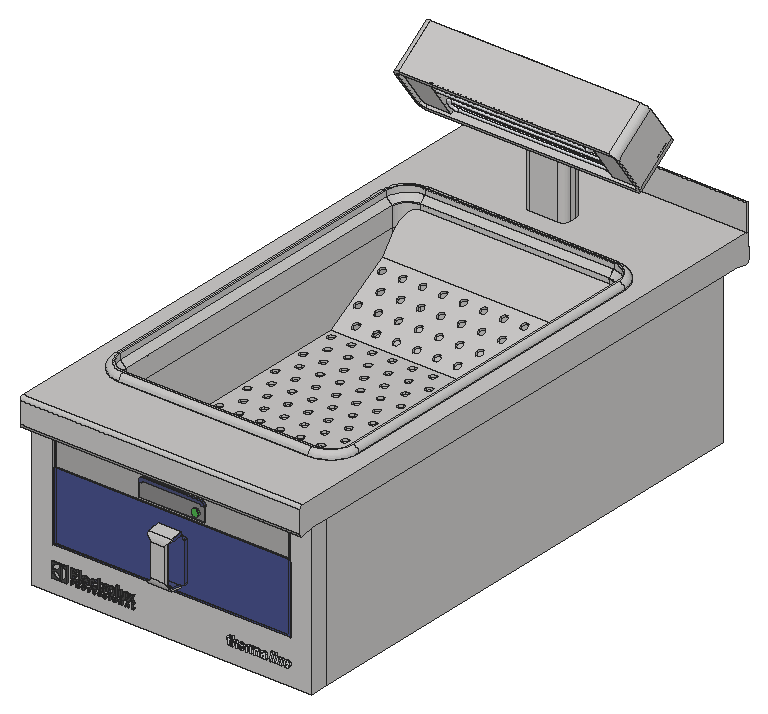
Revit family "QF_ELECTROLUXPROFESSIONAL_588095_MAYAABDOBO", category Attrezzature speciali, Revit 2020
Family settings
  Quota connettore circolare = Usa diametro
  Tipo di parte = Normale
  Basato su piano di lavoro = No
  Sempre verticale = Sì
  Taglio con vuoti quando caricato = No
  Condiviso = No
  Punto di calcolo locali = No
Parameters (values of type "Standard")
  Weight = 14.00 kg
  Watts = 1000 W
  Volts = 230 V
  URL Manufacturer = "https://www.electroluxprofessional.com/"
  URL = "https://www.electroluxprofessional.com/"
  Steam Supply Size = 0"
  Steam Supply Minimum Pressure = 0.00 psi
  Steam Supply Maximum Pressure = 0.00 psi
  Steam Consumption per Hour = 0
  Refrigeration Suction Line Size = 0 mm
  Refrigeration Liquid Line Size = 0 mm
  Refrigerant Compressor Remote = yes
  Prospetto di default = 0 mm
  Phase = 1
  Modello = "MAYAABDOBO"
  Produttore = "Electrolux Professional"
  Length Actual = 400 mm  # constant formula
  Item Number = "588095"
  Hot Water Size = 0"
  Height Actual = 250 mm  # constant formula
  HP = "1.3 HP"
  Gas Size = 0"
  Gas KW = 0
  Gas Input Pressure = 0.0 Btu/h
  Direct Waste Size = 0"
  Descrizione = "EL.CHIP SCUTTLE,1/1GN,1S,BS,400X800X250H"
  Depth Actual = 800 mm  # constant formula
  Cycle = 50 Hz
  Condensate Return Size = 0"
  Compressed Air Volume = 0 GPM
  Compressed Air Size = 0"
  Compressed Air Pressure = 0.00 psi
  Cold Water Size = 0"
  Accessory = yes
Reference planes
  plane 1 "BACK": y = 0
  plane 2: z = 0
  plane 3 "LEFT": x = 0
  plane 4 "RIGHT": x = 400
  plane 5 "FRONT": y = -800
  plane 6 "TOP": z = 900
  plane 7 "Center (Left/Right)": x = 200
  plane 8: y = -400
  plane 9: y = -150
  plane 10: y = -65
  plane 11: y = -740
  plane 12: z = 938
  plane 13 "BaseTop": z = 650
  plane 14: y = -755
  plane 15 "Camino": y = -50
  plane 16 "EIx": x = 355
  plane 17: z = 1104
  plane 18 "Fondo": z = 780.982
  plane 19 "Angle1": through (-6096, -207.82, 834.055) normal (0, -0.5, 0.866)
  plane 20 "Serpentine": through (0, -80.719, 1034.372) normal (0, -0.8192, -0.5736)
  plane 21 "Serpentine90": through (-6096, -138.06, 994.222) normal (0, 0.5736, -0.8192)
  plane 22: y = -585
Forms (mm)
  Extrusion 1, solid, material "QF_Finishes_Stainless Steel"
    sketch origin (-178.969, -4572, 100) x (-1, 0, 0) y (0, -1, 0)
      loop
        line (-178.969, -4527) -> (-178.969, -3817) -> (-578.969, -3817) -> (-578.969, -4527) -> (-178.969, -4527)
    from 550 to 762.969
  Extrusion 2, solid, material "QF_Finishes_Stainless Steel"
    sketch origin (200, 296.4, 1219.2) x (0, 1, 0) y (0, 0, 1)
      loop
        line (-296.4, -319.2) -> (-1091.4, -319.2)
        arc (-1091.4, -319.2) -> (-1094.935, -320.664) -> (-1096.4, -324.2) r 5
        line (-1096.4, -324.2) -> (-1096.4, -355.2)
        arc (-1096.4, -355.2) -> (-1094.971, -358.264) -> (-1091.705, -359.139) r 4
        line (-1091.705, -359.139) -> (-1076.4, -356.231) -> (-316.4, -356.231) -> (-301.094, -359.139)
        arc (-301.094, -359.139) -> (-297.829, -358.264) -> (-296.4, -355.2) r 4
        line (-296.4, -355.2) -> (-296.4, -319.2)
    from -200 to 200
  Extrusion 3, void
    sketch origin (0, 0, 900) x (-1, 0, 0) y (0, -1, 0)
      loop
        line (-42.957, 190) -> (-42.957, 665)
        arc (-42.957, 665) -> (-49.413, 680.587) -> (-65, 687.043) r 22.043
        line (-65, 687.043) -> (-335, 687.043)
        arc (-335, 687.043) -> (-350.587, 680.587) -> (-357.043, 665) r 22.043
        line (-357.043, 665) -> (-357.043, 190)
        arc (-357.043, 190) -> (-350.587, 174.413) -> (-335, 167.957) r 22.043
        line (-335, 167.957) -> (-65, 167.957)
        arc (-65, 167.957) -> (-49.413, 174.413) -> (-42.957, 190) r 22.043
    from -8.746 to -162.454
  Extrusion 4, solid, material "QF_Finishes_Stainless Steel"
    sketch origin (0, 50, 650) x (-1, 0, 0) y (0, -1, 0)
      loop
        circle (-355, 635) r 10.1
    from 0 to -10
  Sweep 5, solid, material "QF_Finishes_Stainless Steel"
    path origin (0, 0, 900) x (-1, 0, 0) y (0, -1, 0)
      loop
        line (-25, 190) -> (-25, 665)
        arc (-25, 665) -> (-36.716, 693.284) -> (-65, 705) r 40
        line (-65, 705) -> (-335, 705)
        arc (-335, 705) -> (-363.284, 693.284) -> (-375, 665) r 40
        line (-375, 665) -> (-375, 190)
        arc (-375, 190) -> (-363.284, 161.716) -> (-335, 150) r 40
        line (-335, 150) -> (-65, 150)
        arc (-65, 150) -> (-36.716, 161.716) -> (-25, 190) r 40
    profile origin (25, -427.5, 900) x (1, 0, 0) y (0, 0, 1)
      loop
        line (0, 0) -> (0, -8.282) -> (18.004, -8.282) -> (9.723, 0) -> (9.723, 8) -> (8, 8)
        arc (8, 8) -> (2.343, 5.657) -> (0, 0) r 8
  Extrusion 6, void
    sketch origin (0, 0, 900) x (-1, 0, 0) y (0, -1, 0)
      loop
        arc (-65, 167.957) -> (-49.413, 174.413) -> (-42.957, 190) r 22.043
        line (-42.957, 190) -> (-42.957, 665)
        arc (-42.957, 665) -> (-49.413, 680.587) -> (-65, 687.043) r 22.043
        line (-65, 687.043) -> (-335, 687.043)
        arc (-335, 687.043) -> (-350.587, 680.587) -> (-357.043, 665) r 22.043
        line (-357.043, 665) -> (-357.043, 190)
        arc (-357.043, 190) -> (-350.587, 174.413) -> (-335, 167.957) r 22.043
        line (-335, 167.957) -> (-65, 167.957)
    from 38.156 to -162.454
  Extrusion 7, void
    sketch origin (0, 0, 900) x (-1, 0, 0) y (0, -1, 0)
      loop
        arc (-65, 158) -> (-42.373, 167.373) -> (-33, 190) r 32
        line (-33, 190) -> (-33, 665)
        arc (-33, 665) -> (-42.373, 687.627) -> (-65, 697) r 32
        line (-65, 697) -> (-335, 697)
        arc (-335, 697) -> (-357.627, 687.627) -> (-367, 665) r 32
        line (-367, 665) -> (-367, 190)
        arc (-367, 190) -> (-357.627, 167.373) -> (-335, 158) r 32
        line (-335, 158) -> (-65, 158)
    from 0 to -8.282
  Extrusion 8, solid, material "QF_Finishes_Stainless Steel"
    sketch origin (200, 296.4, 1219.2) x (0, 1, 0) y (0, 0, 1)
      loop
        line (-983.443, -327.482) -> (-983.443, -330.73) -> (-939.573, -386.881) -> (-847.191, -440.218) -> (-595.608, -440.218) -> (-502.883, -386.683) -> (-464.357, -337.371) -> (-464.357, -334.123) -> (-504.22, -385.145) -> (-596.144, -438.218) -> (-846.656, -438.218) -> (-938.236, -385.343) -> (-983.443, -327.482)
    from -157.043 to 157.043
  Extrusion 9, void
    sketch origin (0, -25, 780.982) x (-1, 0, 0) y (0, -1, 0)
      loop
        circle (-69.5, 313.15) r 5
      loop
        circle (-98.5, 313.15) r 5
      loop
        circle (-127.5, 313.15) r 5
      loop
        circle (-156.5, 313.15) r 5
      loop
        circle (-185.5, 313.15) r 5
      loop
        circle (-214.5, 313.15) r 5
      loop
        circle (-243.5, 313.15) r 5
      loop
        circle (-272.5, 313.15) r 5
      loop
        circle (-301.5, 313.15) r 5
      loop
        circle (-330.5, 313.15) r 5
      loop
        circle (-55, 288.15) r 5
      loop
        circle (-84, 288.15) r 5
      loop
        circle (-113, 288.15) r 5
      loop
        circle (-142, 288.15) r 5
      loop
        circle (-171, 288.15) r 5
      loop
        circle (-200, 288.15) r 5
      loop
        circle (-229, 288.15) r 5
      loop
        circle (-258, 288.15) r 5
      loop
        circle (-287, 288.15) r 5
      loop
        circle (-316, 288.15) r 5
      loop
        circle (-69.5, 363.15) r 5
      loop
        circle (-98.5, 363.15) r 5
      loop
        circle (-127.5, 363.15) r 5
      loop
        circle (-156.5, 363.15) r 5
      loop
        circle (-185.5, 363.15) r 5
      loop
        circle (-214.5, 363.15) r 5
      loop
        circle (-243.5, 363.15) r 5
      loop
        circle (-272.5, 363.15) r 5
      loop
        circle (-301.5, 363.15) r 5
      loop
        circle (-330.5, 363.15) r 5
      loop
        circle (-55, 338.15) r 5
      loop
        circle (-84, 338.15) r 5
      loop
        circle (-113, 338.15) r 5
      loop
        circle (-142, 338.15) r 5
      loop
        circle (-171, 338.15) r 5
      loop
        circle (-200, 338.15) r 5
      loop
        circle (-229, 338.15) r 5
      loop
        circle (-258, 338.15) r 5
      loop
        circle (-287, 338.15) r 5
      loop
        circle (-316, 338.15) r 5
      loop
        circle (-69.5, 413.15) r 5
      loop
        circle (-98.5, 413.15) r 5
      loop
        circle (-127.5, 413.15) r 5
      loop
        circle (-156.5, 413.15) r 5
      loop
        circle (-185.5, 413.15) r 5
      loop
        circle (-214.5, 413.15) r 5
      loop
        circle (-243.5, 413.15) r 5
      loop
        circle (-272.5, 413.15) r 5
      loop
        circle (-301.5, 413.15) r 5
      loop
        circle (-330.5, 413.15) r 5
      loop
        circle (-55, 388.15) r 5
      loop
        circle (-84, 388.15) r 5
      loop
        circle (-113, 388.15) r 5
      loop
        circle (-142, 388.15) r 5
      loop
        circle (-171, 388.15) r 5
      loop
        circle (-200, 388.15) r 5
      loop
        circle (-229, 388.15) r 5
      loop
        circle (-258, 388.15) r 5
      loop
        circle (-287, 388.15) r 5
      loop
        circle (-316, 388.15) r 5
      loop
        circle (-69.5, 463.15) r 5
      loop
        circle (-98.5, 463.15) r 5
      loop
        circle (-127.5, 463.15) r 5
      loop
        circle (-156.5, 463.15) r 5
      loop
        circle (-185.5, 463.15) r 5
      loop
        circle (-214.5, 463.15) r 5
      loop
        circle (-243.5, 463.15) r 5
      loop
        circle (-272.5, 463.15) r 5
      loop
        circle (-301.5, 463.15) r 5
      loop
        circle (-330.5, 463.15) r 5
      loop
        circle (-55, 438.15) r 5
      loop
        circle (-84, 438.15) r 5
      loop
        circle (-113, 438.15) r 5
      loop
        circle (-142, 438.15) r 5
      loop
        circle (-171, 438.15) r 5
      loop
        circle (-200, 438.15) r 5
      loop
        circle (-229, 438.15) r 5
      loop
        circle (-258, 438.15) r 5
      loop
        circle (-287, 438.15) r 5
      loop
        circle (-316, 438.15) r 5
      loop
        circle (-69.5, 513.15) r 5
      loop
        circle (-98.5, 513.15) r 5
      loop
        circle (-127.5, 513.15) r 5
      loop
        circle (-156.5, 513.15) r 5
      loop
        circle (-185.5, 513.15) r 5
      loop
        circle (-214.5, 513.15) r 5
      loop
        circle (-243.5, 513.15) r 5
      loop
        circle (-272.5, 513.15) r 5
      loop
        circle (-301.5, 513.15) r 5
      loop
        circle (-330.5, 513.15) r 5
      loop
        circle (-55, 488.15) r 5
      loop
        circle (-84, 488.15) r 5
      loop
        circle (-113, 488.15) r 5
      loop
        circle (-142, 488.15) r 5
      loop
        circle (-171, 488.15) r 5
      loop
        circle (-200, 488.15) r 5
      loop
        circle (-229, 488.15) r 5
      loop
        circle (-258, 488.15) r 5
      loop
        circle (-287, 488.15) r 5
      loop
        circle (-316, 488.15) r 5
      loop
        circle (-345, 288.15) r 5
      loop
        circle (-345, 338.15) r 5
      loop
        circle (-345, 388.15) r 5
      loop
        circle (-345, 438.15) r 5
      loop
        circle (-345, 488.15) r 5
    from 5 to -5
  Extrusion 10, void
    sketch origin (0, 49.13, 982.405) x (-1, 0, 0) y (0, -0.866025, -0.5)
      loop
        circle (-69.5, 338.15) r 5
      loop
        circle (-98.5, 338.15) r 5
      loop
        circle (-127.5, 338.15) r 5
      loop
        circle (-156.5, 338.15) r 5
      loop
        circle (-185.5, 338.15) r 5
      loop
        circle (-214.5, 338.15) r 5
      loop
        circle (-243.5, 338.15) r 5
      loop
        circle (-272.5, 338.15) r 5
      loop
        circle (-301.5, 338.15) r 5
      loop
        circle (-330.5, 338.15) r 5
      loop
        circle (-55, 313.15) r 5
      loop
        circle (-84, 313.15) r 5
      loop
        circle (-113, 313.15) r 5
      loop
        circle (-142, 313.15) r 5
      loop
        circle (-171, 313.15) r 5
      loop
        circle (-200, 313.15) r 5
      loop
        circle (-229, 313.15) r 5
      loop
        circle (-258, 313.15) r 5
      loop
        circle (-287, 313.15) r 5
      loop
        circle (-316, 313.15) r 5
      loop
        circle (-69.5, 388.15) r 5
      loop
        circle (-98.5, 388.15) r 5
      loop
        circle (-127.5, 388.15) r 5
      loop
        circle (-156.5, 388.15) r 5
      loop
        circle (-185.5, 388.15) r 5
      loop
        circle (-214.5, 388.15) r 5
      loop
        circle (-243.5, 388.15) r 5
      loop
        circle (-272.5, 388.15) r 5
      loop
        circle (-301.5, 388.15) r 5
      loop
        circle (-330.5, 388.15) r 5
      loop
        circle (-55, 363.15) r 5
      loop
        circle (-84, 363.15) r 5
      loop
        circle (-113, 363.15) r 5
      loop
        circle (-142, 363.15) r 5
      loop
        circle (-171, 363.15) r 5
      loop
        circle (-200, 363.15) r 5
      loop
        circle (-229, 363.15) r 5
      loop
        circle (-258, 363.15) r 5
      loop
        circle (-287, 363.15) r 5
      loop
        circle (-316, 363.15) r 5
      loop
        circle (-345, 363.15) r 5
      loop
        circle (-345, 313.15) r 5
    from 5 to -5
  Extrusion 11, void
    sketch origin (0, -899.13, 982.405) x (-1, 0, 0) y (0, -0.866025, 0.5)
      loop
        circle (-69.5, -338.15) r 5
      loop
        circle (-98.5, -338.15) r 5
      loop
        circle (-127.5, -338.15) r 5
      loop
        circle (-156.5, -338.15) r 5
      loop
        circle (-185.5, -338.15) r 5
      loop
        circle (-214.5, -338.15) r 5
      loop
        circle (-243.5, -338.15) r 5
      loop
        circle (-272.5, -338.15) r 5
      loop
        circle (-301.5, -338.15) r 5
      loop
        circle (-330.5, -338.15) r 5
      loop
        circle (-55, -313.15) r 5
      loop
        circle (-84, -313.15) r 5
      loop
        circle (-113, -313.15) r 5
      loop
        circle (-142, -313.15) r 5
      loop
        circle (-171, -313.15) r 5
      loop
        circle (-200, -313.15) r 5
      loop
        circle (-229, -313.15) r 5
      loop
        circle (-258, -313.15) r 5
      loop
        circle (-287, -313.15) r 5
      loop
        circle (-316, -313.15) r 5
      loop
        circle (-69.5, -388.15) r 5
      loop
        circle (-98.5, -388.15) r 5
      loop
        circle (-127.5, -388.15) r 5
      loop
        circle (-156.5, -388.15) r 5
      loop
        circle (-185.5, -388.15) r 5
      loop
        circle (-214.5, -388.15) r 5
      loop
        circle (-243.5, -388.15) r 5
      loop
        circle (-272.5, -388.15) r 5
      loop
        circle (-301.5, -388.15) r 5
      loop
        circle (-330.5, -388.15) r 5
      loop
        circle (-55, -363.15) r 5
      loop
        circle (-84, -363.15) r 5
      loop
        circle (-113, -363.15) r 5
      loop
        circle (-142, -363.15) r 5
      loop
        circle (-171, -363.15) r 5
      loop
        circle (-200, -363.15) r 5
      loop
        circle (-229, -363.15) r 5
      loop
        circle (-258, -363.15) r 5
      loop
        circle (-287, -363.15) r 5
      loop
        circle (-316, -363.15) r 5
      loop
        circle (-345, -313.15) r 5
      loop
        circle (-345, -363.15) r 5
    from 5 to -5
  Extrusion 12, solid, material "QF_Finishes_Stainless Steel"
    sketch origin (0, 0, 900) x (-1, 0, 0) y (0, -1, 0)
      loop
        line (-220, 84.995) -> (-180, 84.995)
        arc (-180, 84.995) -> (-172.929, 87.924) -> (-170, 94.995) r 10
        line (-170, 94.995) -> (-170, 104.995)
        arc (-170, 104.995) -> (-172.929, 112.066) -> (-180, 114.995) r 10
        line (-180, 114.995) -> (-220, 114.995)
        arc (-220, 114.995) -> (-227.071, 112.066) -> (-230, 104.995) r 10
        line (-230, 104.995) -> (-230, 94.995)
        arc (-230, 94.995) -> (-227.071, 87.924) -> (-220, 84.995) r 10
    from 0 to 131.811
  Extrusion 13, solid, material "QF_Finishes_Stainless Steel"
    sketch origin (79.679, 596.52, 67.175) x (0, 0.573576, -0.819152) y (1, 0, 0)
      loop
        line (-1255.73, -39.679) -> (-1190.73, -39.679)
        arc (-1190.73, -39.679) -> (-1183.659, -36.75) -> (-1180.73, -29.679) r 10
        line (-1180.73, -29.679) -> (-1180.73, 270.321)
        arc (-1180.73, 270.321) -> (-1183.659, 277.392) -> (-1190.73, 280.321) r 10
        line (-1190.73, 280.321) -> (-1255.73, 280.321)
        arc (-1255.73, 280.321) -> (-1262.801, 277.392) -> (-1265.73, 270.321) r 10
        line (-1265.73, 270.321) -> (-1265.73, -29.679)
        arc (-1265.73, -29.679) -> (-1262.801, -36.75) -> (-1255.73, -39.679) r 10
      loop
        line (-1255.73, -35.679) -> (-1190.73, -35.679)
        arc (-1190.73, -35.679) -> (-1186.487, -33.922) -> (-1184.73, -29.679) r 6
        line (-1184.73, -29.679) -> (-1184.73, 270.321)
        arc (-1184.73, 270.321) -> (-1186.487, 274.563) -> (-1190.73, 276.321) r 6
        line (-1190.73, 276.321) -> (-1255.73, 276.321)
        arc (-1255.73, 276.321) -> (-1259.972, 274.563) -> (-1261.73, 270.321) r 6
        line (-1261.73, 270.321) -> (-1261.73, -29.679)
        arc (-1261.73, -29.679) -> (-1259.972, -33.922) -> (-1255.73, -35.679) r 6
    from 0 to 70
  Extrusion 14, solid, material "QF_Finishes_Stainless Steel"
    sketch origin (79.679, 596.52, 67.175) x (0, 0.573576, -0.819152) y (1, 0, 0)
      loop
        line (-1255.73, -35.679) -> (-1190.73, -35.679)
        arc (-1190.73, -35.679) -> (-1186.487, -33.922) -> (-1184.73, -29.679) r 6
        line (-1184.73, -29.679) -> (-1184.73, 4.321) -> (-1261.73, 4.321) -> (-1261.73, -29.679)
        arc (-1261.73, -29.679) -> (-1259.972, -33.922) -> (-1255.73, -35.679) r 6
      loop
        arc (-1255.73, 276.321) -> (-1259.972, 274.563) -> (-1261.73, 270.321) r 6
        line (-1261.73, 270.321) -> (-1261.73, 236.321) -> (-1184.73, 236.321) -> (-1184.73, 270.321)
        arc (-1184.73, 270.321) -> (-1186.487, 274.563) -> (-1190.73, 276.321) r 6
        line (-1190.73, 276.321) -> (-1255.73, 276.321)
    from 5.22 to 65
  Extrusion 15, void
    sketch origin (200, 296.4, 1219.2) x (0, 1, 0) y (0, 0, 1)
      loop
        line (-412.731, -209.764) -> (-380.777, -187.389) -> (-412.731, -187.389) -> (-412.731, -209.764)
    from -44.52 to 38.617
  Extrusion 16, solid, material "QF_Finishes_Stainless Steel"
    sketch origin (79.679, 596.52, 67.175) x (0, 0.573576, -0.819152) y (1, 0, 0)
      loop
        line (-1255.73, -39.679) -> (-1190.73, -39.679)
        arc (-1190.73, -39.679) -> (-1183.659, -36.75) -> (-1180.73, -29.679) r 10
        line (-1180.73, -29.679) -> (-1180.73, 270.321)
        arc (-1180.73, 270.321) -> (-1183.659, 277.392) -> (-1190.73, 280.321) r 10
        line (-1190.73, 280.321) -> (-1255.73, 280.321)
        arc (-1255.73, 280.321) -> (-1262.801, 277.392) -> (-1265.73, 270.321) r 10
        line (-1265.73, 270.321) -> (-1265.73, -29.679)
        arc (-1265.73, -29.679) -> (-1262.801, -36.75) -> (-1255.73, -39.679) r 10
      loop
        line (-1255.73, -35.679) -> (-1190.73, -35.679)
        arc (-1190.73, -35.679) -> (-1186.487, -33.922) -> (-1184.73, -29.679) r 6
        line (-1184.73, -29.679) -> (-1184.73, 270.321)
        arc (-1184.73, 270.321) -> (-1186.487, 274.563) -> (-1190.73, 276.321) r 6
        line (-1190.73, 276.321) -> (-1255.73, 276.321)
        arc (-1255.73, 276.321) -> (-1259.972, 274.563) -> (-1261.73, 270.321) r 6
        line (-1261.73, 270.321) -> (-1261.73, -29.679)
        arc (-1261.73, -29.679) -> (-1259.972, -33.922) -> (-1255.73, -35.679) r 6
    from 0 to 70
  Extrusion 17, solid, material "QF_Finishes_Stainless Steel"
    sketch origin (79.679, 596.52, 67.175) x (0, 0.573576, -0.819152) y (1, 0, 0)
      loop
        line (-1255.73, -35.679) -> (-1190.73, -35.679)
        arc (-1190.73, -35.679) -> (-1186.487, -33.922) -> (-1184.73, -29.679) r 6
        line (-1184.73, -29.679) -> (-1184.73, 270.321)
        arc (-1184.73, 270.321) -> (-1186.487, 274.563) -> (-1190.73, 276.321) r 6
        line (-1190.73, 276.321) -> (-1255.73, 276.321)
        arc (-1255.73, 276.321) -> (-1259.972, 274.563) -> (-1261.73, 270.321) r 6
        line (-1261.73, 270.321) -> (-1261.73, -29.679)
        arc (-1261.73, -29.679) -> (-1259.972, -33.922) -> (-1255.73, -35.679) r 6
    from 0 to 5.22
  Extrusion 18, solid, material "QF_Finishes_Stainless Steel"
    sketch origin (79.679, 596.52, 67.175) x (0, 0.573576, -0.819152) y (1, 0, 0)
      loop
        line (-1255.73, -39.679) -> (-1190.73, -39.679)
        arc (-1190.73, -39.679) -> (-1183.659, -36.75) -> (-1180.73, -29.679) r 10
        line (-1180.73, -29.679) -> (-1180.73, 270.321)
        arc (-1180.73, 270.321) -> (-1183.659, 277.392) -> (-1190.73, 280.321) r 10
        line (-1190.73, 280.321) -> (-1255.73, 280.321)
        arc (-1255.73, 280.321) -> (-1262.801, 277.392) -> (-1265.73, 270.321) r 10
        line (-1265.73, 270.321) -> (-1265.73, -29.679)
        arc (-1265.73, -29.679) -> (-1262.801, -36.75) -> (-1255.73, -39.679) r 10
      loop
        line (-1255.73, -35.679) -> (-1190.73, -35.679)
        arc (-1190.73, -35.679) -> (-1186.487, -33.922) -> (-1184.73, -29.679) r 6
        line (-1184.73, -29.679) -> (-1184.73, 270.321)
        arc (-1184.73, 270.321) -> (-1186.487, 274.563) -> (-1190.73, 276.321) r 6
        line (-1190.73, 276.321) -> (-1255.73, 276.321)
        arc (-1255.73, 276.321) -> (-1259.972, 274.563) -> (-1261.73, 270.321) r 6
        line (-1261.73, 270.321) -> (-1261.73, -29.679)
        arc (-1261.73, -29.679) -> (-1259.972, -33.922) -> (-1255.73, -35.679) r 6
    from 0 to 70
  Sweep 19, solid, material "QF_Finishes_White"
    path origin (445.068, 796.804, -218.86) x (0, 0.573576, -0.819152) y (1, 0, 0)
      loop
        line (-1582.037, -361.068) -> (-1582.037, -146.068)
        arc (-1582.037, -146.068) -> (-1592.037, -136.068) -> (-1602.037, -146.068) r 10
        line (-1602.037, -146.068) -> (-1602.037, -361.068)
    profile origin (191.5, -110.616, 1077.069) x (0, -0.573576, 0.819152) y (0, -0.819152, -0.573576)
      loop
        circle (0, 61.931) r 2.5
  Sweep 20, solid, material "QF_Finishes_White"
    path origin (-45.068, 813.392, -246.825) x (0, 0.573576, -0.819152) y (1, 0, 0)
      loop
        line (-1579.459, 361.068) -> (-1579.459, 146.068)
        arc (-1579.459, 146.068) -> (-1589.459, 136.068) -> (-1599.459, 146.068) r 10
        line (-1599.459, 146.068) -> (-1599.459, 361.068)
    profile origin (208.5, -92.548, 1046.992) x (0, 0.573576, -0.819152) y (0, -0.819152, -0.573576)
      loop
        circle (0, 59.479) r 2.5
  Extrusion 21, solid, material "QF_Finishes_Stainless Steel"
    sketch origin (200, 296.4, 1222.347) x (0, 1, 0) y (0, 0, 1)
      loop
        line (-417.574, -130.198) -> (-412.986, -136.751) -> (-409.605, -129.501) -> (-417.574, -130.198)
      loop
        line (-406.103, -146.581) -> (-401.514, -153.134) -> (-398.133, -145.884) -> (-406.103, -146.581)
    from -38 to 38
  Extrusion 22, solid, material "QF_Finishes_Stainless Steel"
    sketch origin (200, 296.4, 1222.347) x (0, 1, 0) y (0, 0, 1)
      loop
        line (-417.574, -130.198) -> (-412.986, -136.751) -> (-409.605, -129.501) -> (-417.574, -130.198)
      loop
        line (-406.103, -146.581) -> (-401.514, -153.134) -> (-398.133, -145.884) -> (-406.103, -146.581)
    from 46 to 122
  Extrusion 23, solid, material "QF_Finishes_Stainless Steel"
    sketch origin (200, 296.4, 1222.347) x (0, 1, 0) y (0, 0, -1)
      loop
        line (-417.574, 130.198) -> (-409.605, 129.501) -> (-412.986, 136.751) -> (-417.574, 130.198)
      loop
        line (-406.103, 146.581) -> (-398.133, 145.884) -> (-401.514, 153.134) -> (-406.103, 146.581)
    from 46 to 122
  Extrusion 24, solid, material "QF_Finishes_Stainless Steel"
    sketch origin (200, 296.4, 1219.2) x (0, 1, 0) y (0, 0, 1)
      loop
        line (-296.4, -319.2) -> (-296.4, -281.2) -> (-298.4, -281.2) -> (-298.4, -319.2) -> (-296.4, -319.2)
    from -200 to 200
Cuts and joins
  Extrusion 3, Extrusion 6, Extrusion 7 cuts Extrusion 2
  Extrusion 6 cuts Extrusion 1
  Extrusion 6 cuts Sweep 5
  Extrusion 9, Extrusion 10, Extrusion 11 cuts Extrusion 8
  Extrusion 15 cuts Extrusion 12
Lines and regions (mm)
  symbolic lines
    curve 1: line (0, 0, 100) -> (400, 0, 100)
    curve 2: line (0, -800, 100) -> (0, 0, 100)
    curve 3: line (400, -800, 100) -> (0, -800, 100)
    curve 4: line (400, 0, 100) -> (400, -800, 100)
    curve 5: line (350, -80.719, 0) -> (50, -80.719, 0)
    curve 6: spline (50, -80.719, 0) -> (48.695, -80.768, 0) -> (47.412, -80.914, 0) -> (46.173, -81.156, 0) -> (45, -81.487, 0) -> (43.912, -81.904, 0) -> (42.929, -82.399, 0) -> (42.066, -82.963, 0) -> (41.34, -83.587, 0) -> (40.761, -84.26, 0) -> (40.341, -84.97, 0) -> (40.086, -85.706, 0) -> (40, -86.455, 0)
    curve 7: line (40, -86.455, 0) -> (40, -181.078, 0)
    curve 8: spline (40, -123.737, 0) -> (40.086, -124.486, 0) -> (40.341, -125.222, 0) -> (40.761, -125.932, 0) -> (41.34, -126.605, 0) -> (42.066, -127.229, 0) -> (42.929, -127.793, 0) -> (43.912, -128.288, 0) -> (45, -128.705, 0) -> (46.173, -129.036, 0) -> (47.412, -129.278, 0) -> (48.695, -129.424, 0) -> (50, -129.473, 0)
    curve 9: line (50, -129.473, 0) -> (350, -129.473, 0)
    curve 10: spline (350, -129.473, 0) -> (351.305, -129.424, 0) -> (352.588, -129.278, 0) -> (353.827, -129.036, 0) -> (355, -128.705, 0) -> (356.088, -128.288, 0) -> (357.071, -127.793, 0) -> (357.934, -127.229, 0) -> (358.66, -126.605, 0) -> (359.239, -125.932, 0) -> (359.659, -125.222, 0) -> (359.914, -124.486, 0) -> (360, -123.737, 0)
    curve 11: line (360, -181.078, 0) -> (360, -123.737, 0)
    curve 12: spline (360, -86.455, 0) -> (359.914, -85.706, 0) -> (359.659, -84.97, 0) -> (359.239, -84.26, 0) -> (358.66, -83.587, 0) -> (357.934, -82.963, 0) -> (357.071, -82.399, 0) -> (356.088, -81.904, 0) -> (355, -81.487, 0) -> (353.827, -81.156, 0) -> (352.588, -80.914, 0) -> (351.305, -80.768, 0) -> (350, -80.719, 0)
    curve 13: line (78, -121.175, 0) -> (154, -121.175, 0)
    curve 14: line (78, -101.733, 0) -> (78, -121.175, 0)
    curve 15: line (78, -113.205, 0) -> (154, -113.205, 0)
    curve 16: line (78, -109.703, 0) -> (154, -109.703, 0)
    curve 17: line (78, -101.733, 0) -> (154, -101.733, 0)
    curve 18: line (154, -121.175, 0) -> (154, -101.733, 0)
    curve 19: line (162, -101.733, 0) -> (162, -121.175, 0)
    curve 20: line (162, -113.205, 0) -> (238, -113.205, 0)
    curve 21: line (162, -109.703, 0) -> (238, -109.703, 0)
    curve 22: line (162, -101.733, 0) -> (238, -101.733, 0)
    curve 23: line (162, -121.175, 0) -> (238, -121.175, 0)
    curve 24: line (238, -121.175, 0) -> (238, -101.733, 0)
    curve 25: line (246, -101.733, 0) -> (246, -121.175, 0)
    curve 26: line (246, -109.703, 0) -> (322, -109.703, 0)
    curve 27: line (246, -101.733, 0) -> (322, -101.733, 0)
    curve 28: line (246, -121.175, 0) -> (322, -121.175, 0)
    curve 29: line (246, -113.205, 0) -> (322, -113.205, 0)
    curve 30: line (322, -121.175, 0) -> (322, -101.733, 0)
    curve 31: spline (50, -186.814, 0) -> (48.695, -186.765, 0) -> (47.412, -186.618, 0) -> (46.173, -186.377, 0) -> (45, -186.045, 0) -> (43.912, -185.628, 0) -> (42.929, -185.134, 0) -> (42.066, -184.57, 0) -> (41.34, -183.946, 0) -> (40.761, -183.273, 0) -> (40.341, -182.562, 0) -> (40.086, -181.827, 0) -> (40, -181.078, 0)
    curve 32: line (350, -186.814, 0) -> (50, -186.814, 0)
    curve 33: spline (360, -181.078, 0) -> (359.914, -181.827, 0) -> (359.659, -182.562, 0) -> (359.239, -183.273, 0) -> (358.66, -183.946, 0) -> (357.934, -184.57, 0) -> (357.071, -185.134, 0) -> (356.088, -185.628, 0) -> (355, -186.045, 0) -> (353.827, -186.377, 0) -> (352.588, -186.618, 0) -> (351.305, -186.765, 0) -> (350, -186.814, 0)
    curve 34: line (360, -181.078, 0) -> (360, -86.455, 0)
    curve 35: line (34.723, -665, 0) -> (34.723, -190, 0)
    curve 36: line (25, -190, 0) -> (25, -665, 0)
    curve 37: line (42.889, -190, 0) -> (42.889, -665.101, 0)
    curve 38: arc (42.889, -665.101, 0) -> (49.385, -680.784, 0) -> (65.067, -687.279, 0) r 22.178
    curve 39: arc (34.723, -665, 0) -> (43.591, -686.409, 0) -> (65, -695.277, 0) r 30.277
    curve 40: line (65.067, -687.279, 0) -> (335.11, -687.279, 0)
    curve 41: arc (335.11, -687.279, 0) -> (350.508, -680.901, 0) -> (356.886, -665.503, 0) r 21.776
    curve 42: arc (335, -695.277, 0) -> (356.409, -686.409, 0) -> (365.277, -665, 0) r 30.277
    curve 43: line (375, -665, 0) -> (375, -190, 0)
    curve 44: line (365.277, -190, 0) -> (365.277, -665, 0)
    curve 45: line (356.886, -191.314, 0) -> (356.886, -665.503, 0)
    curve 46: line (356.886, -641.837, 0) -> (42.889, -641.837, 0)
    curve 47: line (42.889, -550.256, 0) -> (356.886, -550.256, 0)
    curve 48: line (65, -695.277, 0) -> (335, -695.277, 0)
    curve 49: line (65, -705, 0) -> (335, -705, 0)
    curve 50: arc (25, -665, 0) -> (36.716, -693.284, 0) -> (65, -705, 0) r 40
    curve 51: arc (335, -705, 0) -> (363.284, -693.284, 0) -> (375, -665, 0) r 40
    curve 52: line (42.889, -299.744, 0) -> (356.886, -299.744, 0)
    curve 53: line (42.889, -207.82, 0) -> (356.886, -207.82, 0)
    curve 54: arc (365.277, -190, 0) -> (363.928, -181.062, 0) -> (360, -172.92, 0) r 30.277
    curve 55: arc (356.886, -191.314, 0) -> (356.675, -188.28, 0) -> (356.045, -185.305, 0) r 21.887
    curve 56: arc (375, -190, 0) -> (371.05, -172.891, 0) -> (360, -159.245, 0) r 39.028
    curve 57: arc (25, -190, 0) -> (28.95, -172.891, 0) -> (40, -159.245, 0) r 39.028
    curve 58: arc (40, -172.92, 0) -> (36.072, -181.062, 0) -> (34.723, -190, 0) r 30.277
    curve 59: arc (43.004, -190, 0) -> (43.125, -187.702, 0) -> (43.484, -185.429, 0) r 21.996
    curve 60: spline (50.066, -221.075, 0) -> (50.234, -222.196, 0) -> (50.727, -223.241, 0) -> (51.511, -224.138, 0) -> (52.533, -224.826, 0) -> (53.723, -225.259, 0) -> (55, -225.406, 0) -> (56.277, -225.259, 0) -> (57.467, -224.826, 0) -> (58.489, -224.138, 0) -> (59.273, -223.241, 0) -> (59.766, -222.196, 0) -> (59.934, -221.075, 0)
    curve 61: spline (50.066, -221.075, 0) -> (50.444, -220.164, 0) -> (51.048, -219.347, 0) -> (51.85, -218.665, 0) -> (52.809, -218.152, 0) -> (53.876, -217.834, 0) -> (55, -217.726, 0) -> (56.124, -217.834, 0) -> (57.191, -218.152, 0) -> (58.15, -218.665, 0) -> (58.952, -219.347, 0) -> (59.556, -220.164, 0) -> (59.934, -221.075, 0)
    curve 62: spline (79.022, -221.075, 0) -> (79.19, -222.196, 0) -> (79.683, -223.241, 0) -> (80.467, -224.138, 0) -> (81.489, -224.826, 0) -> (82.679, -225.259, 0) -> (83.956, -225.406, 0) -> (85.233, -225.259, 0) -> (86.423, -224.826, 0) -> (87.445, -224.138, 0) -> (88.229, -223.241, 0) -> (88.722, -222.196, 0) -> (88.89, -221.075, 0)
    curve 63: spline (79.022, -221.075, 0) -> (79.4, -220.164, 0) -> (80.004, -219.347, 0) -> (80.806, -218.665, 0) -> (81.765, -218.152, 0) -> (82.832, -217.834, 0) -> (83.956, -217.726, 0) -> (85.08, -217.834, 0) -> (86.147, -218.152, 0) -> (87.106, -218.665, 0) -> (87.908, -219.347, 0) -> (88.512, -220.164, 0) -> (88.89, -221.075, 0)
    curve 64: spline (108.022, -221.075, 0) -> (108.19, -222.196, 0) -> (108.683, -223.241, 0) -> (109.467, -224.138, 0) -> (110.489, -224.826, 0) -> (111.679, -225.259, 0) -> (112.956, -225.406, 0) -> (114.233, -225.259, 0) -> (115.423, -224.826, 0) -> (116.445, -224.138, 0) -> (117.229, -223.241, 0) -> (117.722, -222.196, 0) -> (117.89, -221.075, 0)
    curve 65: spline (108.022, -221.075, 0) -> (108.4, -220.164, 0) -> (109.004, -219.347, 0) -> (109.806, -218.665, 0) -> (110.765, -218.152, 0) -> (111.832, -217.834, 0) -> (112.956, -217.726, 0) -> (114.08, -217.834, 0) -> (115.147, -218.152, 0) -> (116.106, -218.665, 0) -> (116.908, -219.347, 0) -> (117.512, -220.164, 0) -> (117.89, -221.075, 0)
    curve 66: spline (137.022, -221.075, 0) -> (137.19, -222.196, 0) -> (137.683, -223.241, 0) -> (138.467, -224.138, 0) -> (139.489, -224.826, 0) -> (140.679, -225.259, 0) -> (141.956, -225.406, 0) -> (143.233, -225.259, 0) -> (144.423, -224.826, 0) -> (145.445, -224.138, 0) -> (146.229, -223.241, 0) -> (146.722, -222.196, 0) -> (146.89, -221.075, 0)
    curve 67: spline (137.022, -221.075, 0) -> (137.4, -220.164, 0) -> (138.004, -219.347, 0) -> (138.806, -218.665, 0) -> (139.765, -218.152, 0) -> (140.832, -217.834, 0) -> (141.956, -217.726, 0) -> (143.08, -217.834, 0) -> (144.147, -218.152, 0) -> (145.106, -218.665, 0) -> (145.908, -219.347, 0) -> (146.512, -220.164, 0) -> (146.89, -221.075, 0)
    curve 68: spline (166.022, -221.075, 0) -> (166.19, -222.196, 0) -> (166.683, -223.241, 0) -> (167.467, -224.138, 0) -> (168.489, -224.826, 0) -> (169.679, -225.259, 0) -> (170.956, -225.406, 0) -> (172.233, -225.259, 0) -> (173.423, -224.826, 0) -> (174.445, -224.138, 0) -> (175.229, -223.241, 0) -> (175.722, -222.196, 0) -> (175.89, -221.075, 0)
    curve 69: spline (166.022, -221.075, 0) -> (166.4, -220.164, 0) -> (167.004, -219.347, 0) -> (167.806, -218.665, 0) -> (168.765, -218.152, 0) -> (169.832, -217.834, 0) -> (170.956, -217.726, 0) -> (172.08, -217.834, 0) -> (173.147, -218.152, 0) -> (174.106, -218.665, 0) -> (174.908, -219.347, 0) -> (175.512, -220.164, 0) -> (175.89, -221.075, 0)
    curve 70: spline (195.022, -221.075, 0) -> (195.19, -222.196, 0) -> (195.683, -223.241, 0) -> (196.467, -224.138, 0) -> (197.489, -224.826, 0) -> (198.679, -225.259, 0) -> (199.956, -225.406, 0) -> (201.233, -225.259, 0) -> (202.423, -224.826, 0) -> (203.445, -224.138, 0) -> (204.229, -223.241, 0) -> (204.722, -222.196, 0) -> (204.89, -221.075, 0)
    curve 71: spline (195.022, -221.075, 0) -> (195.4, -220.164, 0) -> (196.004, -219.347, 0) -> (196.806, -218.665, 0) -> (197.765, -218.152, 0) -> (198.832, -217.834, 0) -> (199.956, -217.726, 0) -> (201.08, -217.834, 0) -> (202.147, -218.152, 0) -> (203.106, -218.665, 0) -> (203.908, -219.347, 0) -> (204.512, -220.164, 0) -> (204.89, -221.075, 0)
    curve 72: spline (349.934, -221.075, 0) -> (349.766, -222.196, 0) -> (349.273, -223.241, 0) -> (348.489, -224.138, 0) -> (347.467, -224.826, 0) -> (346.277, -225.259, 0) -> (345, -225.406, 0) -> (343.723, -225.259, 0) -> (342.533, -224.826, 0) -> (341.511, -224.138, 0) -> (340.727, -223.241, 0) -> (340.234, -222.196, 0) -> (340.066, -221.075, 0)
    curve 73: spline (349.934, -221.075, 0) -> (349.556, -220.164, 0) -> (348.952, -219.347, 0) -> (348.15, -218.665, 0) -> (347.191, -218.152, 0) -> (346.124, -217.834, 0) -> (345, -217.726, 0) -> (343.876, -217.834, 0) -> (342.809, -218.152, 0) -> (341.85, -218.665, 0) -> (341.048, -219.347, 0) -> (340.444, -220.164, 0) -> (340.066, -221.075, 0)
    curve 74: spline (320.978, -221.075, 0) -> (320.81, -222.196, 0) -> (320.317, -223.241, 0) -> (319.533, -224.138, 0) -> (318.511, -224.826, 0) -> (317.321, -225.259, 0) -> (316.044, -225.406, 0) -> (314.767, -225.259, 0) -> (313.577, -224.826, 0) -> (312.555, -224.138, 0) -> (311.771, -223.241, 0) -> (311.278, -222.196, 0) -> (311.11, -221.075, 0)
    curve 75: spline (320.978, -221.075, 0) -> (320.6, -220.164, 0) -> (319.996, -219.347, 0) -> (319.194, -218.665, 0) -> (318.235, -218.152, 0) -> (317.168, -217.834, 0) -> (316.044, -217.726, 0) -> (314.92, -217.834, 0) -> (313.853, -218.152, 0) -> (312.894, -218.665, 0) -> (312.092, -219.347, 0) -> (311.488, -220.164, 0) -> (311.11, -221.075, 0)
    curve 76: spline (291.978, -221.075, 0) -> (291.81, -222.196, 0) -> (291.317, -223.241, 0) -> (290.533, -224.138, 0) -> (289.511, -224.826, 0) -> (288.321, -225.259, 0) -> (287.044, -225.406, 0) -> (285.767, -225.259, 0) -> (284.577, -224.826, 0) -> (283.555, -224.138, 0) -> (282.771, -223.241, 0) -> (282.278, -222.196, 0) -> (282.11, -221.075, 0)
    curve 77: spline (291.978, -221.075, 0) -> (291.6, -220.164, 0) -> (290.996, -219.347, 0) -> (290.194, -218.665, 0) -> (289.235, -218.152, 0) -> (288.168, -217.834, 0) -> (287.044, -217.726, 0) -> (285.92, -217.834, 0) -> (284.853, -218.152, 0) -> (283.894, -218.665, 0) -> (283.092, -219.347, 0) -> (282.488, -220.164, 0) -> (282.11, -221.075, 0)
    curve 78: spline (262.978, -221.075, 0) -> (262.81, -222.196, 0) -> (262.317, -223.241, 0) -> (261.533, -224.138, 0) -> (260.511, -224.826, 0) -> (259.321, -225.259, 0) -> (258.044, -225.406, 0) -> (256.767, -225.259, 0) -> (255.577, -224.826, 0) -> (254.555, -224.138, 0) -> (253.771, -223.241, 0) -> (253.278, -222.196, 0) -> (253.11, -221.075, 0)
    curve 79: spline (262.978, -221.075, 0) -> (262.6, -220.164, 0) -> (261.996, -219.347, 0) -> (261.194, -218.665, 0) -> (260.235, -218.152, 0) -> (259.168, -217.834, 0) -> (258.044, -217.726, 0) -> (256.92, -217.834, 0) -> (255.853, -218.152, 0) -> (254.894, -218.665, 0) -> (254.092, -219.347, 0) -> (253.488, -220.164, 0) -> (253.11, -221.075, 0)
    curve 80: spline (233.978, -221.075, 0) -> (233.81, -222.196, 0) -> (233.317, -223.241, 0) -> (232.533, -224.138, 0) -> (231.511, -224.826, 0) -> (230.321, -225.259, 0) -> (229.044, -225.406, 0) -> (227.767, -225.259, 0) -> (226.577, -224.826, 0) -> (225.555, -224.138, 0) -> (224.771, -223.241, 0) -> (224.278, -222.196, 0) -> (224.11, -221.075, 0)
    curve 81: spline (233.978, -221.075, 0) -> (233.6, -220.164, 0) -> (232.996, -219.347, 0) -> (232.194, -218.665, 0) -> (231.235, -218.152, 0) -> (230.168, -217.834, 0) -> (229.044, -217.726, 0) -> (227.92, -217.834, 0) -> (226.853, -218.152, 0) -> (225.894, -218.665, 0) -> (225.092, -219.347, 0) -> (224.488, -220.164, 0) -> (224.11, -221.075, 0)
    curve 82: spline (64.566, -242.726, 0) -> (64.734, -243.847, 0) -> (65.227, -244.891, 0) -> (66.011, -245.788, 0) -> (67.033, -246.476, 0) -> (68.223, -246.909, 0) -> (69.5, -247.057, 0) -> (70.777, -246.909, 0) -> (71.967, -246.476, 0) -> (72.989, -245.788, 0) -> (73.773, -244.891, 0) -> (74.266, -243.847, 0) -> (74.434, -242.726, 0)
    curve 83: spline (64.566, -242.726, 0) -> (64.944, -241.814, 0) -> (65.548, -240.998, 0) -> (66.35, -240.316, 0) -> (67.309, -239.803, 0) -> (68.376, -239.485, 0) -> (69.5, -239.377, 0) -> (70.624, -239.485, 0) -> (71.691, -239.803, 0) -> (72.65, -240.316, 0) -> (73.452, -240.998, 0) -> (74.056, -241.814, 0) -> (74.434, -242.726, 0)
    curve 84: spline (93.566, -242.726, 0) -> (93.734, -243.847, 0) -> (94.227, -244.891, 0) -> (95.011, -245.788, 0) -> (96.033, -246.476, 0) -> (97.223, -246.909, 0) -> (98.5, -247.057, 0) -> (99.777, -246.909, 0) -> (100.967, -246.476, 0) -> (101.989, -245.788, 0) -> (102.773, -244.891, 0) -> (103.266, -243.847, 0) -> (103.434, -242.726, 0)
    curve 85: spline (93.566, -242.726, 0) -> (93.944, -241.814, 0) -> (94.548, -240.998, 0) -> (95.35, -240.316, 0) -> (96.309, -239.803, 0) -> (97.376, -239.485, 0) -> (98.5, -239.377, 0) -> (99.624, -239.485, 0) -> (100.691, -239.803, 0) -> (101.65, -240.316, 0) -> (102.452, -240.998, 0) -> (103.056, -241.814, 0) -> (103.434, -242.726, 0)
    curve 86: spline (122.566, -242.726, 0) -> (122.734, -243.847, 0) -> (123.227, -244.891, 0) -> (124.011, -245.788, 0) -> (125.033, -246.476, 0) -> (126.223, -246.909, 0) -> (127.5, -247.057, 0) -> (128.777, -246.909, 0) -> (129.967, -246.476, 0) -> (130.989, -245.788, 0) -> (131.773, -244.891, 0) -> (132.266, -243.847, 0) -> (132.434, -242.726, 0)
    curve 87: spline (122.566, -242.726, 0) -> (122.944, -241.814, 0) -> (123.548, -240.998, 0) -> (124.35, -240.316, 0) -> (125.309, -239.803, 0) -> (126.376, -239.485, 0) -> (127.5, -239.377, 0) -> (128.624, -239.485, 0) -> (129.691, -239.803, 0) -> (130.65, -240.316, 0) -> (131.452, -240.998, 0) -> (132.056, -241.814, 0) -> (132.434, -242.726, 0)
    curve 88: spline (151.566, -242.726, 0) -> (151.734, -243.847, 0) -> (152.227, -244.891, 0) -> (153.011, -245.788, 0) -> (154.033, -246.476, 0) -> (155.223, -246.909, 0) -> (156.5, -247.057, 0) -> (157.777, -246.909, 0) -> (158.967, -246.476, 0) -> (159.989, -245.788, 0) -> (160.773, -244.891, 0) -> (161.266, -243.847, 0) -> (161.434, -242.726, 0)
    curve 89: spline (151.566, -242.726, 0) -> (151.944, -241.814, 0) -> (152.548, -240.998, 0) -> (153.35, -240.316, 0) -> (154.309, -239.803, 0) -> (155.376, -239.485, 0) -> (156.5, -239.377, 0) -> (157.624, -239.485, 0) -> (158.691, -239.803, 0) -> (159.65, -240.316, 0) -> (160.452, -240.998, 0) -> (161.056, -241.814, 0) -> (161.434, -242.726, 0)
    curve 90: spline (180.566, -242.726, 0) -> (180.734, -243.847, 0) -> (181.227, -244.891, 0) -> (182.011, -245.788, 0) -> (183.033, -246.476, 0) -> (184.223, -246.909, 0) -> (185.5, -247.057, 0) -> (186.777, -246.909, 0) -> (187.967, -246.476, 0) -> (188.989, -245.788, 0) -> (189.773, -244.891, 0) -> (190.266, -243.847, 0) -> (190.434, -242.726, 0)
    curve 91: spline (180.566, -242.726, 0) -> (180.944, -241.814, 0) -> (181.548, -240.998, 0) -> (182.35, -240.316, 0) -> (183.309, -239.803, 0) -> (184.376, -239.485, 0) -> (185.5, -239.377, 0) -> (186.624, -239.485, 0) -> (187.691, -239.803, 0) -> (188.65, -240.316, 0) -> (189.452, -240.998, 0) -> (190.056, -241.814, 0) -> (190.434, -242.726, 0)
    curve 92: spline (335.434, -242.726, 0) -> (335.266, -243.847, 0) -> (334.773, -244.891, 0) -> (333.989, -245.788, 0) -> (332.967, -246.476, 0) -> (331.777, -246.909, 0) -> (330.5, -247.057, 0) -> (329.223, -246.909, 0) -> (328.033, -246.476, 0) -> (327.011, -245.788, 0) -> (326.227, -244.891, 0) -> (325.734, -243.847, 0) -> (325.566, -242.726, 0)
    curve 93: spline (335.434, -242.726, 0) -> (335.056, -241.814, 0) -> (334.452, -240.998, 0) -> (333.65, -240.316, 0) -> (332.691, -239.803, 0) -> (331.624, -239.485, 0) -> (330.5, -239.377, 0) -> (329.376, -239.485, 0) -> (328.309, -239.803, 0) -> (327.35, -240.316, 0) -> (326.548, -240.998, 0) -> (325.944, -241.814, 0) -> (325.566, -242.726, 0)
    curve 94: spline (306.434, -242.726, 0) -> (306.266, -243.847, 0) -> (305.773, -244.891, 0) -> (304.989, -245.788, 0) -> (303.967, -246.476, 0) -> (302.777, -246.909, 0) -> (301.5, -247.057, 0) -> (300.223, -246.909, 0) -> (299.033, -246.476, 0) -> (298.011, -245.788, 0) -> (297.227, -244.891, 0) -> (296.734, -243.847, 0) -> (296.566, -242.726, 0)
    curve 95: spline (306.434, -242.726, 0) -> (306.056, -241.814, 0) -> (305.452, -240.998, 0) -> (304.65, -240.316, 0) -> (303.691, -239.803, 0) -> (302.624, -239.485, 0) -> (301.5, -239.377, 0) -> (300.376, -239.485, 0) -> (299.309, -239.803, 0) -> (298.35, -240.316, 0) -> (297.548, -240.998, 0) -> (296.944, -241.814, 0) -> (296.566, -242.726, 0)
    curve 96: spline (277.434, -242.726, 0) -> (277.266, -243.847, 0) -> (276.773, -244.891, 0) -> (275.989, -245.788, 0) -> (274.967, -246.476, 0) -> (273.777, -246.909, 0) -> (272.5, -247.057, 0) -> (271.223, -246.909, 0) -> (270.033, -246.476, 0) -> (269.011, -245.788, 0) -> (268.227, -244.891, 0) -> (267.734, -243.847, 0) -> (267.566, -242.726, 0)
    curve 97: spline (277.434, -242.726, 0) -> (277.056, -241.814, 0) -> (276.452, -240.998, 0) -> (275.65, -240.316, 0) -> (274.691, -239.803, 0) -> (273.624, -239.485, 0) -> (272.5, -239.377, 0) -> (271.376, -239.485, 0) -> (270.309, -239.803, 0) -> (269.35, -240.316, 0) -> (268.548, -240.998, 0) -> (267.944, -241.814, 0) -> (267.566, -242.726, 0)
    curve 98: spline (248.434, -242.726, 0) -> (248.266, -243.847, 0) -> (247.773, -244.891, 0) -> (246.989, -245.788, 0) -> (245.967, -246.476, 0) -> (244.777, -246.909, 0) -> (243.5, -247.057, 0) -> (242.223, -246.909, 0) -> (241.033, -246.476, 0) -> (240.011, -245.788, 0) -> (239.227, -244.891, 0) -> (238.734, -243.847, 0) -> (238.566, -242.726, 0)
    curve 99: spline (248.434, -242.726, 0) -> (248.056, -241.814, 0) -> (247.452, -240.998, 0) -> (246.65, -240.316, 0) -> (245.691, -239.803, 0) -> (244.624, -239.485, 0) -> (243.5, -239.377, 0) -> (242.376, -239.485, 0) -> (241.309, -239.803, 0) -> (240.35, -240.316, 0) -> (239.548, -240.998, 0) -> (238.944, -241.814, 0) -> (238.566, -242.726, 0)
    curve 100: spline (219.434, -242.726, 0) -> (219.266, -243.847, 0) -> (218.773, -244.891, 0) -> (217.989, -245.788, 0) -> (216.967, -246.476, 0) -> (215.777, -246.909, 0) -> (214.5, -247.057, 0) -> (213.223, -246.909, 0) -> (212.033, -246.476, 0) -> (211.011, -245.788, 0) -> (210.227, -244.891, 0) -> (209.734, -243.847, 0) -> (209.566, -242.726, 0)
    curve 101: spline (219.434, -242.726, 0) -> (219.056, -241.814, 0) -> (218.452, -240.998, 0) -> (217.65, -240.316, 0) -> (216.691, -239.803, 0) -> (215.624, -239.485, 0) -> (214.5, -239.377, 0) -> (213.376, -239.485, 0) -> (212.309, -239.803, 0) -> (211.35, -240.316, 0) -> (210.548, -240.998, 0) -> (209.944, -241.814, 0) -> (209.566, -242.726, 0)
    curve 102: circle (55, -313.15, 0) r 5 normal (0, 0, 1)
    curve 103: circle (84, -313.15, 0) r 5 normal (0, 0, 1)
    curve 104: circle (113, -313.15, 0) r 5 normal (0, 0, 1)
    curve 105: circle (142, -313.15, 0) r 5 normal (0, 0, 1)
    curve 106: circle (171, -313.15, 0) r 5 normal (0, 0, 1)
    curve 107: circle (200, -313.15, 0) r 5 normal (0, 0, 1)
    curve 108: circle (345, -313.15, 0) r 5 normal (0, 0, -1)
    curve 109: circle (316, -313.15, 0) r 5 normal (0, 0, -1)
    curve 110: circle (287, -313.15, 0) r 5 normal (0, 0, -1)
    curve 111: circle (258, -313.15, 0) r 5 normal (0, 0, -1)
    curve 112: circle (229, -313.15, 0) r 5 normal (0, 0, -1)
    curve 113: circle (69.5, -338.15, 0) r 5 normal (0, 0, 1)
    curve 114: circle (98.5, -338.15, 0) r 5 normal (0, 0, 1)
    curve 115: circle (127.5, -338.15, 0) r 5 normal (0, 0, 1)
    curve 116: circle (156.5, -338.15, 0) r 5 normal (0, 0, 1)
    curve 117: circle (185.5, -338.15, 0) r 5 normal (0, 0, 1)
    curve 118: circle (330.5, -338.15, 0) r 5 normal (0, 0, -1)
    curve 119: circle (301.5, -338.15, 0) r 5 normal (0, 0, -1)
    curve 120: circle (272.5, -338.15, 0) r 5 normal (0, 0, -1)
    curve 121: circle (243.5, -338.15, 0) r 5 normal (0, 0, -1)
    curve 122: circle (214.5, -338.15, 0) r 5 normal (0, 0, -1)
    curve 123: spline (50.066, -221.075, 0) -> (50.234, -222.196, 0) -> (50.727, -223.241, 0) -> (51.511, -224.138, 0) -> (52.533, -224.826, 0) -> (53.723, -225.259, 0) -> (55, -225.406, 0) -> (56.277, -225.259, 0) -> (57.467, -224.826, 0) -> (58.489, -224.138, 0) -> (59.273, -223.241, 0) -> (59.766, -222.196, 0) -> (59.934, -221.075, 0)
    curve 124: spline (50.066, -221.075, 0) -> (50.444, -220.164, 0) -> (51.048, -219.347, 0) -> (51.85, -218.665, 0) -> (52.809, -218.152, 0) -> (53.876, -217.834, 0) -> (55, -217.726, 0) -> (56.124, -217.834, 0) -> (57.191, -218.152, 0) -> (58.15, -218.665, 0) -> (58.952, -219.347, 0) -> (59.556, -220.164, 0) -> (59.934, -221.075, 0)
    curve 125: spline (79.022, -221.075, 0) -> (79.19, -222.196, 0) -> (79.683, -223.241, 0) -> (80.467, -224.138, 0) -> (81.489, -224.826, 0) -> (82.679, -225.259, 0) -> (83.956, -225.406, 0) -> (85.233, -225.259, 0) -> (86.423, -224.826, 0) -> (87.445, -224.138, 0) -> (88.229, -223.241, 0) -> (88.722, -222.196, 0) -> (88.89, -221.075, 0)
    curve 126: spline (79.022, -221.075, 0) -> (79.4, -220.164, 0) -> (80.004, -219.347, 0) -> (80.806, -218.665, 0) -> (81.765, -218.152, 0) -> (82.832, -217.834, 0) -> (83.956, -217.726, 0) -> (85.08, -217.834, 0) -> (86.147, -218.152, 0) -> (87.106, -218.665, 0) -> (87.908, -219.347, 0) -> (88.512, -220.164, 0) -> (88.89, -221.075, 0)
    curve 127: spline (108.022, -221.075, 0) -> (108.19, -222.196, 0) -> (108.683, -223.241, 0) -> (109.467, -224.138, 0) -> (110.489, -224.826, 0) -> (111.679, -225.259, 0) -> (112.956, -225.406, 0) -> (114.233, -225.259, 0) -> (115.423, -224.826, 0) -> (116.445, -224.138, 0) -> (117.229, -223.241, 0) -> (117.722, -222.196, 0) -> (117.89, -221.075, 0)
    curve 128: spline (108.022, -221.075, 0) -> (108.4, -220.164, 0) -> (109.004, -219.347, 0) -> (109.806, -218.665, 0) -> (110.765, -218.152, 0) -> (111.832, -217.834, 0) -> (112.956, -217.726, 0) -> (114.08, -217.834, 0) -> (115.147, -218.152, 0) -> (116.106, -218.665, 0) -> (116.908, -219.347, 0) -> (117.512, -220.164, 0) -> (117.89, -221.075, 0)
    curve 129: spline (137.022, -221.075, 0) -> (137.19, -222.196, 0) -> (137.683, -223.241, 0) -> (138.467, -224.138, 0) -> (139.489, -224.826, 0) -> (140.679, -225.259, 0) -> (141.956, -225.406, 0) -> (143.233, -225.259, 0) -> (144.423, -224.826, 0) -> (145.445, -224.138, 0) -> (146.229, -223.241, 0) -> (146.722, -222.196, 0) -> (146.89, -221.075, 0)
    curve 130: spline (137.022, -221.075, 0) -> (137.4, -220.164, 0) -> (138.004, -219.347, 0) -> (138.806, -218.665, 0) -> (139.765, -218.152, 0) -> (140.832, -217.834, 0) -> (141.956, -217.726, 0) -> (143.08, -217.834, 0) -> (144.147, -218.152, 0) -> (145.106, -218.665, 0) -> (145.908, -219.347, 0) -> (146.512, -220.164, 0) -> (146.89, -221.075, 0)
    curve 131: spline (166.022, -221.075, 0) -> (166.19, -222.196, 0) -> (166.683, -223.241, 0) -> (167.467, -224.138, 0) -> (168.489, -224.826, 0) -> (169.679, -225.259, 0) -> (170.956, -225.406, 0) -> (172.233, -225.259, 0) -> (173.423, -224.826, 0) -> (174.445, -224.138, 0) -> (175.229, -223.241, 0) -> (175.722, -222.196, 0) -> (175.89, -221.075, 0)
    curve 132: spline (166.022, -221.075, 0) -> (166.4, -220.164, 0) -> (167.004, -219.347, 0) -> (167.806, -218.665, 0) -> (168.765, -218.152, 0) -> (169.832, -217.834, 0) -> (170.956, -217.726, 0) -> (172.08, -217.834, 0) -> (173.147, -218.152, 0) -> (174.106, -218.665, 0) -> (174.908, -219.347, 0) -> (175.512, -220.164, 0) -> (175.89, -221.075, 0)
    curve 133: spline (195.022, -221.075, 0) -> (195.19, -222.196, 0) -> (195.683, -223.241, 0) -> (196.467, -224.138, 0) -> (197.489, -224.826, 0) -> (198.679, -225.259, 0) -> (199.956, -225.406, 0) -> (201.233, -225.259, 0) -> (202.423, -224.826, 0) -> (203.445, -224.138, 0) -> (204.229, -223.241, 0) -> (204.722, -222.196, 0) -> (204.89, -221.075, 0)
    curve 134: spline (195.022, -221.075, 0) -> (195.4, -220.164, 0) -> (196.004, -219.347, 0) -> (196.806, -218.665, 0) -> (197.765, -218.152, 0) -> (198.832, -217.834, 0) -> (199.956, -217.726, 0) -> (201.08, -217.834, 0) -> (202.147, -218.152, 0) -> (203.106, -218.665, 0) -> (203.908, -219.347, 0) -> (204.512, -220.164, 0) -> (204.89, -221.075, 0)
    curve 135: spline (349.934, -221.075, 0) -> (349.766, -222.196, 0) -> (349.273, -223.241, 0) -> (348.489, -224.138, 0) -> (347.467, -224.826, 0) -> (346.277, -225.259, 0) -> (345, -225.406, 0) -> (343.723, -225.259, 0) -> (342.533, -224.826, 0) -> (341.511, -224.138, 0) -> (340.727, -223.241, 0) -> (340.234, -222.196, 0) -> (340.066, -221.075, 0)
    curve 136: spline (349.934, -221.075, 0) -> (349.556, -220.164, 0) -> (348.952, -219.347, 0) -> (348.15, -218.665, 0) -> (347.191, -218.152, 0) -> (346.124, -217.834, 0) -> (345, -217.726, 0) -> (343.876, -217.834, 0) -> (342.809, -218.152, 0) -> (341.85, -218.665, 0) -> (341.048, -219.347, 0) -> (340.444, -220.164, 0) -> (340.066, -221.075, 0)
    curve 137: spline (320.978, -221.075, 0) -> (320.81, -222.196, 0) -> (320.317, -223.241, 0) -> (319.533, -224.138, 0) -> (318.511, -224.826, 0) -> (317.321, -225.259, 0) -> (316.044, -225.406, 0) -> (314.767, -225.259, 0) -> (313.577, -224.826, 0) -> (312.555, -224.138, 0) -> (311.771, -223.241, 0) -> (311.278, -222.196, 0) -> (311.11, -221.075, 0)
    curve 138: spline (320.978, -221.075, 0) -> (320.6, -220.164, 0) -> (319.996, -219.347, 0) -> (319.194, -218.665, 0) -> (318.235, -218.152, 0) -> (317.168, -217.834, 0) -> (316.044, -217.726, 0) -> (314.92, -217.834, 0) -> (313.853, -218.152, 0) -> (312.894, -218.665, 0) -> (312.092, -219.347, 0) -> (311.488, -220.164, 0) -> (311.11, -221.075, 0)
    curve 139: spline (291.978, -221.075, 0) -> (291.81, -222.196, 0) -> (291.317, -223.241, 0) -> (290.533, -224.138, 0) -> (289.511, -224.826, 0) -> (288.321, -225.259, 0) -> (287.044, -225.406, 0) -> (285.767, -225.259, 0) -> (284.577, -224.826, 0) -> (283.555, -224.138, 0) -> (282.771, -223.241, 0) -> (282.278, -222.196, 0) -> (282.11, -221.075, 0)
    curve 140: spline (291.978, -221.075, 0) -> (291.6, -220.164, 0) -> (290.996, -219.347, 0) -> (290.194, -218.665, 0) -> (289.235, -218.152, 0) -> (288.168, -217.834, 0) -> (287.044, -217.726, 0) -> (285.92, -217.834, 0) -> (284.853, -218.152, 0) -> (283.894, -218.665, 0) -> (283.092, -219.347, 0) -> (282.488, -220.164, 0) -> (282.11, -221.075, 0)
    curve 141: spline (262.978, -221.075, 0) -> (262.81, -222.196, 0) -> (262.317, -223.241, 0) -> (261.533, -224.138, 0) -> (260.511, -224.826, 0) -> (259.321, -225.259, 0) -> (258.044, -225.406, 0) -> (256.767, -225.259, 0) -> (255.577, -224.826, 0) -> (254.555, -224.138, 0) -> (253.771, -223.241, 0) -> (253.278, -222.196, 0) -> (253.11, -221.075, 0)
    curve 142: spline (262.978, -221.075, 0) -> (262.6, -220.164, 0) -> (261.996, -219.347, 0) -> (261.194, -218.665, 0) -> (260.235, -218.152, 0) -> (259.168, -217.834, 0) -> (258.044, -217.726, 0) -> (256.92, -217.834, 0) -> (255.853, -218.152, 0) -> (254.894, -218.665, 0) -> (254.092, -219.347, 0) -> (253.488, -220.164, 0) -> (253.11, -221.075, 0)
    curve 143: spline (233.978, -221.075, 0) -> (233.81, -222.196, 0) -> (233.317, -223.241, 0) -> (232.533, -224.138, 0) -> (231.511, -224.826, 0) -> (230.321, -225.259, 0) -> (229.044, -225.406, 0) -> (227.767, -225.259, 0) -> (226.577, -224.826, 0) -> (225.555, -224.138, 0) -> (224.771, -223.241, 0) -> (224.278, -222.196, 0) -> (224.11, -221.075, 0)
    curve 144: spline (233.978, -221.075, 0) -> (233.6, -220.164, 0) -> (232.996, -219.347, 0) -> (232.194, -218.665, 0) -> (231.235, -218.152, 0) -> (230.168, -217.834, 0) -> (229.044, -217.726, 0) -> (227.92, -217.834, 0) -> (226.853, -218.152, 0) -> (225.894, -218.665, 0) -> (225.092, -219.347, 0) -> (224.488, -220.164, 0) -> (224.11, -221.075, 0)
    curve 145: spline (64.566, -242.726, 0) -> (64.734, -243.847, 0) -> (65.227, -244.891, 0) -> (66.011, -245.788, 0) -> (67.033, -246.476, 0) -> (68.223, -246.909, 0) -> (69.5, -247.057, 0) -> (70.777, -246.909, 0) -> (71.967, -246.476, 0) -> (72.989, -245.788, 0) -> (73.773, -244.891, 0) -> (74.266, -243.847, 0) -> (74.434, -242.726, 0)
    curve 146: spline (64.566, -242.726, 0) -> (64.944, -241.814, 0) -> (65.548, -240.998, 0) -> (66.35, -240.316, 0) -> (67.309, -239.803, 0) -> (68.376, -239.485, 0) -> (69.5, -239.377, 0) -> (70.624, -239.485, 0) -> (71.691, -239.803, 0) -> (72.65, -240.316, 0) -> (73.452, -240.998, 0) -> (74.056, -241.814, 0) -> (74.434, -242.726, 0)
    curve 147: spline (93.566, -242.726, 0) -> (93.734, -243.847, 0) -> (94.227, -244.891, 0) -> (95.011, -245.788, 0) -> (96.033, -246.476, 0) -> (97.223, -246.909, 0) -> (98.5, -247.057, 0) -> (99.777, -246.909, 0) -> (100.967, -246.476, 0) -> (101.989, -245.788, 0) -> (102.773, -244.891, 0) -> (103.266, -243.847, 0) -> (103.434, -242.726, 0)
    curve 148: spline (93.566, -242.726, 0) -> (93.944, -241.814, 0) -> (94.548, -240.998, 0) -> (95.35, -240.316, 0) -> (96.309, -239.803, 0) -> (97.376, -239.485, 0) -> (98.5, -239.377, 0) -> (99.624, -239.485, 0) -> (100.691, -239.803, 0) -> (101.65, -240.316, 0) -> (102.452, -240.998, 0) -> (103.056, -241.814, 0) -> (103.434, -242.726, 0)
    curve 149: spline (122.566, -242.726, 0) -> (122.734, -243.847, 0) -> (123.227, -244.891, 0) -> (124.011, -245.788, 0) -> (125.033, -246.476, 0) -> (126.223, -246.909, 0) -> (127.5, -247.057, 0) -> (128.777, -246.909, 0) -> (129.967, -246.476, 0) -> (130.989, -245.788, 0) -> (131.773, -244.891, 0) -> (132.266, -243.847, 0) -> (132.434, -242.726, 0)
    curve 150: spline (122.566, -242.726, 0) -> (122.944, -241.814, 0) -> (123.548, -240.998, 0) -> (124.35, -240.316, 0) -> (125.309, -239.803, 0) -> (126.376, -239.485, 0) -> (127.5, -239.377, 0) -> (128.624, -239.485, 0) -> (129.691, -239.803, 0) -> (130.65, -240.316, 0) -> (131.452, -240.998, 0) -> (132.056, -241.814, 0) -> (132.434, -242.726, 0)
